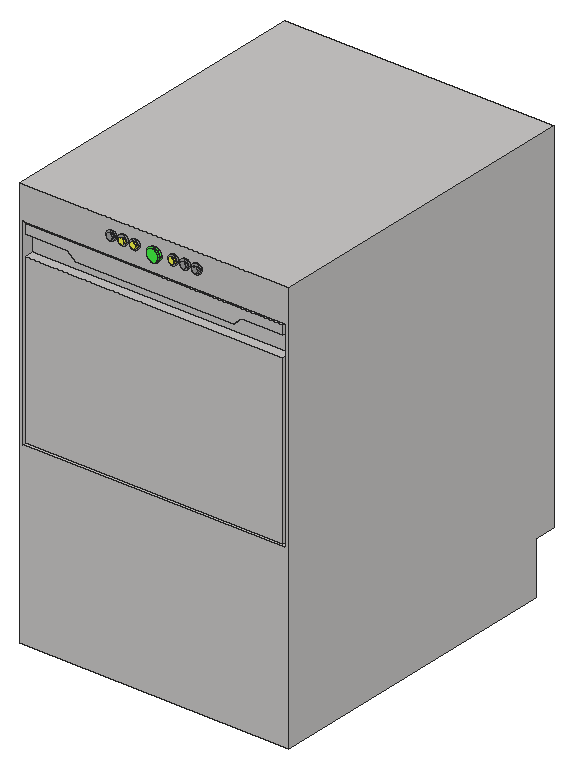
Revit family "QF_ELECTROLUXPROFESSIONAL_402224_ESICWPB6", category Specialty Equipment, Revit 2018
Family settings
  Round Connector Dimension = Use Diameter
  Part Type = Normal
  Work Plane-Based = No
  Always vertical = Yes
  Cut with Voids When Loaded = No
  Shared = No
  Room Calculation Point = No
Parameters
  Weight = 37.00 kg
  Watts = 0 W
  Volts = 0 V
  URL Manufacturer = ""
  URL = "http://professional.electrolux.com/"
  Steam Supply Size = 0 mm
  Steam Supply Minimum Pressure = 0.0 Pa
  Steam Supply Maximum Pressure = 0.0 Pa
  Steam Pounds per Hour = 0
  Show Logo [instance] = yes
  Show Clearance [instance] = yes
  Refrigeration Suction Line Size = 0 mm
  Refrigeration Liquid Line Size = 0 mm
  Refrigerant Compressor Remote = yes
  Manufacturer = ""
  Phase = 0
  Model = ""
  Length Actual = 460 mm  # constant formula
  Item Number = ""
  Hot Water Size = 0 mm
  Height Actual = 715 mm  # constant formula
  HP = "4.4 HP"
  Gas Size = 0 mm
  Gas KW = 0
  Gas Input Pressure = 0 W
  Direct Waste Size = 27 mm
  Description = ""
  Depth Actual = 565 mm  # constant formula
  Cycle = 0 Hz
  Condensate Return Size = 0 mm
  Compressed Air Volume = 0.0 L/s
  Compressed Air Size = 0 mm
  Compressed Air Pressure = 0.0 Pa
  Cold Water Size = 0 mm
  Accessory = yes
Types (2, lengths in mm): name | Volts | URL Manufacturer | URL | Manufacturer | Phase | Model | Item Number | Description | Cycle | Cold Water Size
  (no name) | 0 V | "" | "http://professional.electrolux.com/" | "" | 0 | "" | "" | "" | 0 Hz | 0
  Standard | 220 V | "http://professional.electrolux.com" | "http://professional.electrolux.com" | "Electrolux Professional" | 1 | "ESICWPB6" | "402224" | "GLASSWASHER(S) DOUBLE SKIN, COLD RINSE, WS, DP, RBP, 30B/H,NO PLUG-60HZ" | 60 Hz | 19.05
Reference planes
  plane 1 "Center (Front/Back)": y = 0
  plane 2: z = 0
  plane 3 "Center (Left/Right)": x = 0
  plane 4 "LEFT": x = -230
  plane 5 "RIGHT": x = 230
  plane 6 "FRONT": y = -282.5
  plane 7 "BACK": y = 282.5
  plane 8: x = -202.5
  plane 9: x = 202.5
  plane 10: z = 715
  plane 11: z = 10
Forms (mm)
  Extrusion 1, solid, material "QF_Finishes_Stainless Steel"
    sketch origin (0, 0, 0) x (1, 0, 0) y (0, 1, 0)
      loop
        line (-230, -282.5) -> (230, -282.5) -> (230, 243.5) -> (-230, 243.5) -> (-230, -282.5)
    from 10 to 715
  Extrusion 2, solid, material "QF_Finishes_Stainless Steel"
    sketch origin (0, 0, 0) x (1, 0, 0) y (0, 1, 0)
      loop
        line (-230, 243.5) -> (230, 243.5) -> (230, 282.5) -> (-230, 282.5) -> (-230, 243.5)
    from 100 to 715
  Extrusion 3, solid, material "QF_Finishes_Stainless Steel"
    sketch origin (0, 0, 0) x (1, 0, 0) y (0, 1, 0)
      loop
        circle (-202.5, 184.5) r 12.5
      loop
        circle (202.5, 184.5) r 12.5
      loop
        circle (-202.5, -235.5) r 12.5
      loop
        circle (202.5, -235.5) r 12.5
    from 0 to 10
  Extrusion 4, void
    sketch origin (-230, -282.5, 0) x (-1, 0, 0) y (0, 0, 1)
      loop
        line (-5, 658.217) -> (-455, 658.217) -> (-455, 315) -> (-5, 315) -> (-5, 658.217)
    from 0 to 30
  Extrusion 5, solid, material "QF_Finishes_Stainless Steel"
    sketch origin (-53, -392, 738) x (0, 0, -1) y (1, 0, 0)
      loop
        circle (693, 213) r 10
    from -635.5 to -674.5
  Extrusion 6, solid, material "QF_Door-Drawer Clearances", visible <- "Show Clearance", detail levels coarse
    sketch origin (-230, -282.5, 0) x (0, 1, 0) y (0, 0, -1)
      loop
        line (0, -315) -> (-315, -315)
        arc (-315, -315) -> (-223.2, -545.869) -> (0, -655) r 344.605
        line (0, -655) -> (0, -315)
    from -10 to -450
  Extrusion 7, solid, material "QF_Finishes_Stainless Steel"
    sketch origin (-242.481, -392, 738) x (0, 0, -1) y (1, 0, 0)
      loop
        circle (663, 322.481) r 8
    from -635.5 to -674.5
  Extrusion 8, solid, material "QF_Finishes_Green"
    sketch origin (234, -282.5, -28.75) x (-1, 0, 0) y (0, 0, -1)
      loop
        circle (234, -714.569) r 10
    from 0 to 5
  Extrusion 9, solid, material "QF_Finishes_Gray"
    sketch origin (234, -282.5, -24.375) x (-1, 0, 0) y (0, 0, -1)
      loop
        circle (306.936, -713.972) r 5
    from 0 to 5
  Extrusion 10, solid, material "QF_Finishes_Stainless Steel"
    sketch origin (-230, -282.5, 0) x (0, 1, 0) y (0, 0, -1)
      loop
        line (0, -319.622) -> (0, -605) -> (15, -605) -> (15, -655) -> (25, -655) -> (25, -319.622) -> (0, -319.622)
    from -10 to -450
  Extrusion 11, solid, material "QF_Finishes_Stainless Steel"
    sketch origin (-230, -282.5, 0) x (0, 1, 0) y (0, 0, -1)
      loop
        line (15, -655) -> (15, -652.514) -> (2.5, -652.514) -> (2.5, -626.25) -> (0, -626.25) -> (0, -655) -> (15, -655)
    from -10 to -450
  Extrusion 12, void
    sketch origin (-230, -282.5, 655) x (0, 0, 1) y (1, 0, 0)
      loop
        line (-15.552, 10) -> (-15.552, 81.607) -> (-28.75, 94.804) -> (-28.75, 10) -> (-15.552, 10)
      loop
        line (-15.552, 450) -> (-28.75, 450) -> (-28.75, 365.196) -> (-15.552, 378.393) -> (-15.552, 450)
    from 0 to 2.5
  Extrusion 13, solid, material "QF_Finishes_Stainless Steel"
    sketch origin (-328, -392, 738) x (0, 0, -1) y (1, 0, 0)
      loop
        circle (663, 228) r 8
    from -635.5 to -674.5
  Extrusion 14, solid, material "QF_Finishes_Green"
    sketch origin (-230, -282.5, 0) x (1, 0, 0) y (0, 0, 1)
      loop
        circle (230, 685.819) r 12
      loop
        circle (230, 685.819) r 10
    from 0 to 2.5
  Extrusion 15, solid, material "QF_Finishes_Gray"
    sketch origin (-210, -282.5, -28.75) x (1, 0, 0) y (0, 0, 1)
      loop
        circle (262.936, 718.347) r 8
      loop
        circle (262.936, 718.347) r 5
      loop
        circle (242.936, 718.347) r 8
      loop
        circle (242.936, 718.347) r 5
      loop
        circle (282.936, 718.347) r 8
      loop
        circle (282.936, 718.347) r 5
    from 0 to 2.5
  Extrusion 16, solid, material "QF_Finishes_Gray"
    sketch origin (-234, -282.5, -24.375) x (1, 0, 0) y (0, 0, 1)
      loop
        circle (286.936, 713.972) r 5
      loop
        circle (306.936, 713.972) r 5
    from 0 to 5
  Extrusion 17, solid, material "QF_Finishes_Gray"
    sketch origin (210, -282.5, -28.75) x (-1, 0, 0) y (0, 0, -1)
      loop
        circle (262.936, -718.347) r 8
      loop
        circle (262.936, -718.347) r 5
      loop
        circle (242.936, -718.347) r 8
      loop
        circle (242.936, -718.347) r 5
      loop
        circle (282.936, -718.347) r 8
      loop
        circle (282.936, -718.347) r 5
    from 0 to 2.5
  Extrusion 18, solid, material "QF_Finishes_Yellow"
    sketch origin (254, -282.5, -24.375) x (-1, 0, 0) y (0, 0, -1)
      loop
        circle (306.936, -713.972) r 5
    from 0 to 5
  Extrusion 19, solid, material "QF_Finishes_Yellow"
    sketch origin (274, -282.5, -24.375) x (-1, 0, 0) y (0, 0, -1)
      loop
        circle (306.936, -713.972) r 5
    from 0 to 5
  Extrusion 20, solid, material "QF_Finishes_Yellow"
    sketch origin (339.871, -282.5, -24.375) x (-1, 0, 0) y (0, 0, -1)
      loop
        circle (306.936, -713.972) r 5
    from 0 to 5
Cuts and joins
  Extrusion 4 cuts Extrusion 1
  joined: Extrusion 1, Extrusion 2
  Extrusion 12 cuts Extrusion 10
  Extrusion 12 cuts Extrusion 11
Lines and regions (mm)
  Split face 1
    outline origin (-230, -282.5, 715) x (0, 0, -1) y (1, 0, 0)
      loop
        line (35, 0) -> (35, 60) -> (49.142, 74.142) -> (49.142, 214.142) -> (11.456, 214.142)
        arc (11.456, 214.142) -> (9.82, 214.82) -> (9.142, 216.456) r 2.314
        line (9.142, 216.456) -> (9.142, 230) -> (9.142, 243.544)
        arc (9.142, 243.544) -> (9.82, 245.18) -> (11.456, 245.858) r 2.314
        line (11.456, 245.858) -> (49.142, 245.858) -> (49.142, 385.858) -> (35, 400) -> (35, 460)
      loop
        line (56.783, 5) -> (56.783, 0)
      loop
        line (56.783, 455) -> (56.783, 460)
  symbolic lines
    curve 1: line (-230, 282.5, 0) -> (230, 282.5, 0)
    curve 2: line (-230, -282.5, 0) -> (-230, 282.5, 0)
    curve 3: line (230, -282.5, 0) -> (-230, -282.5, 0)
    curve 4: line (230, 282.5, 0) -> (230, -282.5, 0)
    curve 9: line (-80.94, -285, 0) -> (-80.94, -282.5, 0)
    curve 10: line (-64.948, -285, 0) -> (-64.948, -282.5, 0)
    curve 11: line (-77.926, -287.5, 0) -> (-67.936, -287.5, 0)
    curve 12: line (-67.936, -287.5, 0) -> (-67.936, -285, 0)
    curve 13: line (-77.926, -287.5, 0) -> (-77.926, -285, 0)
    curve 14: line (-60.936, -285, 0) -> (-44.936, -285, 0)
    curve 15: line (-44.936, -285, 0) -> (-44.936, -282.5, 0)
    curve 16: line (-60.936, -285, 0) -> (-60.936, -282.5, 0)
    curve 17: line (-57.936, -287.5, 0) -> (-47.936, -287.5, 0)
    curve 18: line (-47.936, -287.5, 0) -> (-47.936, -285, 0)
    curve 19: line (-57.936, -287.5, 0) -> (-57.936, -285, 0)
    curve 20: line (-40.936, -285, 0) -> (-24.936, -285, 0)
    curve 21: line (-24.936, -285, 0) -> (-24.936, -282.5, 0)
    curve 22: line (-40.936, -285, 0) -> (-40.936, -282.5, 0)
    curve 23: line (-37.936, -287.5, 0) -> (-27.936, -287.5, 0)
    curve 24: line (-27.936, -287.5, 0) -> (-27.936, -285, 0)
    curve 25: line (-37.936, -287.5, 0) -> (-37.936, -285, 0)
    curve 26: line (24.936, -285, 0) -> (40.936, -285, 0)
    curve 27: line (40.936, -285, 0) -> (40.936, -282.5, 0)
    curve 28: line (27.936, -287.5, 0) -> (37.936, -287.5, 0)
    curve 29: line (37.936, -287.5, 0) -> (37.936, -285, 0)
    curve 30: line (27.936, -287.5, 0) -> (27.936, -285, 0)
    curve 31: line (24.936, -285, 0) -> (24.936, -282.5, 0)
    curve 32: line (-12, -285, 0) -> (12, -285, 0)
    curve 33: line (12, -285, 0) -> (12, -282.5, 0)
    curve 34: line (-12, -285, 0) -> (-12, -282.5, 0)
    curve 35: line (-10, -287.5, 0) -> (10, -287.5, 0)
    curve 36: line (10, -287.5, 0) -> (10, -285, 0)
    curve 37: line (-10, -287.5, 0) -> (-10, -285, 0)
    curve 39: line (44.936, -285, 0) -> (60.936, -285, 0)
    curve 40: line (60.936, -285, 0) -> (60.936, -282.5, 0)
    curve 41: line (47.936, -287.5, 0) -> (57.936, -287.5, 0)
    curve 42: line (57.936, -287.5, 0) -> (57.936, -285, 0)
    curve 43: line (47.936, -287.5, 0) -> (47.936, -285, 0)
    curve 44: line (44.936, -285, 0) -> (44.936, -282.5, 0)
    curve 45: line (64.936, -285, 0) -> (80.936, -285, 0)
    curve 46: line (80.936, -285, 0) -> (80.936, -282.5, 0)
    curve 47: line (67.936, -287.5, 0) -> (77.936, -287.5, 0)
    curve 48: line (77.936, -287.5, 0) -> (77.936, -285, 0)
    curve 49: line (67.936, -287.5, 0) -> (67.936, -285, 0)
    curve 50: line (64.936, -285, 0) -> (64.936, -282.5, 0)
  symbolic lines, style "QF_Door-Drawer Clearances"
    curve 5: line (-220, -597.5, 0) -> (220, -597.5, 0)
    curve 6: line (220, -597.5, 0) -> (220, -282.5, 0)
    curve 7: line (-220, -597.5, 0) -> (-220, -282.5, 0)
  symbolic lines, style "SpecialityEquipment"
    curve 8: line (-80.94, -285, 0) -> (-64.948, -285, 0)
  symbolic lines, style "SpecialityEquipmentHiddenLines"
    curve 38: line (-230, 243.5, 0) -> (230, 243.5, 0)
Dimensions and locks
  equal spacing: plane 4 "LEFT", plane 3 "Center (Left/Right)", plane 5 "RIGHT"
  equal spacing: plane 7 "BACK", plane 1 "Center (Front/Back)", plane 6 "FRONT"
  plane 7 "BACK" to plane 6 "FRONT" = 565 mm
  plane 4 "LEFT" to plane 5 "RIGHT" = 460 mm
  plane 4 "LEFT" to plane 8 = 27.5 mm
  plane 9 to plane 5 "RIGHT" = 27.5 mm
  locked: plane 11 to level at 10
  plane 4 "LEFT" to plane 3 "Center (Left/Right)" = 230 mm
  plane 10 to level = 715 mm  (x2)
  plane 8 to plane 9 = 405 mm
  level to Extrusion 13 sketch curve = 75 mm
  Extrusion 13 sketch curve to plane 4 "LEFT" = 130 mm
  level to Extrusion 5 sketch curve = 45 mm
  Extrusion 5 sketch curve to plane 4 "LEFT" = 390 mm
  Extrusion 7 sketch curve to plane 4 "LEFT" = 310 mm
  level to Extrusion 7 sketch curve = 75 mm
  locked: Extrusion 3 to cut or joined group of Extrusion 1, Extrusion 2, Extrusion 4 at 98
  Extrusion 3 to Extrusion 3 = 420 mm
  locked: plane 6 "FRONT" to Extrusion 3 at 47
  plane 9 to plane 8 = 405 mm
  plane 7 "BACK" to curve 5 = 880 mm
  cut or joined group of Extrusion 10, Extrusion 12 to cut or joined group of Extrusion 1, Extrusion 2, Extrusion 4 = 290 mm
  aligned and locked: level to plane 2
  aligned and locked: Extrusion 1 sketch curve to plane 6 "FRONT"
  aligned and locked: Extrusion 1 sketch curve to plane 4 "LEFT"
  aligned and locked: plane 5 "RIGHT" to Extrusion 1 sketch curve
  aligned and locked: Extrusion 1 to plane 11
  aligned and locked: Extrusion 2 sketch curve to Extrusion 1  (x2)
  aligned and locked: plane 7 "BACK" to Extrusion 2 sketch curve
  aligned and locked: plane 5 "RIGHT" to Extrusion 2 sketch curve
  aligned and locked: plane 11 to Extrusion 3
  aligned and locked: Extrusion 2 to Extrusion 5
  aligned and locked: Extrusion 2 to Extrusion 7
  aligned and locked: plane 7 "BACK" to Extrusion 7
  aligned and locked: plane 7 "BACK" to Extrusion 5
  aligned and locked: cut or joined group of Extrusion 11, Extrusion 12 to Extrusion 12
  aligned and locked: plane 10 to Extrusion 2
Automatic sketch dimensions
  curve 1 to plane 4 "LEFT" = 0 mm
  curve 7 to plane 6 "FRONT" = 0 mm
  curve 4 to plane 5 "RIGHT" = 0 mm
  curve 2 to plane 7 "BACK" = 0 mm
  plane 4 "LEFT" to curve 5 = 10 mm
  curve 8 to plane 6 "FRONT" = 2.5 mm
  curve 8 to plane 3 "Center (Left/Right)" = 80.94 mm
  curve 8 to curve 11 = 3.013 mm
  curve 11 to curve 11 = 9.991 mm
  curve 12 to curve 10 = 2.987 mm
  curve 8 to curve 16 = 4.013 mm
  curve 14 to curve 19 = 3 mm
  curve 17 to plane 6 "FRONT" = 5 mm
  curve 17 to curve 17 = 10 mm
  curve 18 to curve 14 = 3 mm
  curve 14 to curve 20 = 4 mm
  curve 20 to curve 25 = 3 mm
  curve 24 to plane 6 "FRONT" = 5 mm
  curve 23 to curve 24 = 10 mm
  curve 24 to curve 21 = 3 mm
  curve 34 to plane 6 "FRONT" = 2.5 mm
  curve 34 to plane 3 "Center (Left/Right)" = 12 mm
  curve 32 to curve 37 = 2 mm
  plane 3 "Center (Left/Right)" to curve 36 = 10 mm
  curve 36 to curve 33 = 2 mm
  curve 26 to plane 6 "FRONT" = 2.5 mm
  curve 32 to curve 26 = 12.936 mm
  curve 26 to curve 30 = 3 mm
  curve 28 to plane 6 "FRONT" = 5 mm
  curve 28 to curve 28 = 10 mm
  curve 29 to curve 27 = 3 mm
  curve 26 to curve 44 = 4 mm
  curve 39 to curve 43 = 3 mm
  curve 41 to plane 6 "FRONT" = 5 mm
  curve 41 to curve 41 = 10 mm
  curve 42 to curve 39 = 3 mm
  curve 39 to curve 50 = 4 mm
  curve 45 to curve 47 = 3 mm
  curve 47 to plane 6 "FRONT" = 5 mm
  curve 47 to curve 47 = 10 mm
  curve 48 to curve 45 = 3 mm
  curve 6 to plane 5 "RIGHT" = 10 mm
  curve 35 to curve 36 = 2.5 mm
  curve 11 to curve 13 = 2.5 mm
  curve 15 to plane 6 "FRONT" = 2.5 mm
  curve 20 to plane 6 "FRONT" = 2.5 mm
  curve 40 to plane 6 "FRONT" = 2.5 mm
  curve 45 to plane 6 "FRONT" = 2.5 mm
  curve 38 to plane 7 "BACK" = 39 mm
  Extrusion 1 sketch curve to plane 7 "BACK" = 39 mm
  Extrusion 3 sketch curve to plane 8 = 0 mm  (x2)
  Extrusion 3 sketch curve to plane 9 = 0 mm  (x2)
  plane 6 "FRONT" to Extrusion 3 sketch curve = 47 mm  (x2)
  Extrusion 3 sketch curve to plane 7 "BACK" = 98 mm  (x2)
  Extrusion 4 sketch curve to Extrusion 1 = 5 mm  (x2)
  Extrusion 4 sketch curve to Extrusion 1 = 305 mm
  Extrusion 4 sketch curve to Extrusion 1 = 56.783 mm
  Extrusion 6 sketch curve to plane 6 "FRONT" = 0 mm
  Extrusion 6 sketch curve to plane 6 "FRONT" = 315 mm
  plane 6 "FRONT" to Extrusion 6 sketch curve = 29.589 mm
  Extrusion 6 sketch curve to plane 10 = 60 mm
  plane 11 to Extrusion 6 sketch curve = 305 mm
  Extrusion 8 sketch curve to Extrusion 8 sketch curve = 0 mm  (x2)
  Extrusion 8 sketch curve to plane 3 "Center (Left/Right)" = 0 mm
  Extrusion 8 sketch curve to plane 10 = 29.181 mm
  plane 3 "Center (Left/Right)" to Extrusion 8 sketch curve = 10 mm
  Extrusion 9 sketch curve to Extrusion 9 sketch curve = 0 mm  (x2)
  Extrusion 9 sketch curve to plane 10 = 25.403 mm
  Extrusion 9 sketch curve to plane 3 "Center (Left/Right)" = 72.936 mm
  Extrusion 9 sketch curve to Extrusion 9 sketch curve = 5 mm
  Extrusion 10 sketch curve to plane 6 "FRONT" = 0 mm
  plane 6 "FRONT" to Extrusion 10 sketch curve = 15 mm
  Extrusion 10 sketch curve to Extrusion 10 sketch curve = 25 mm
  Extrusion 10 sketch curve to plane 10 = 60 mm
  Extrusion 10 sketch curve to Extrusion 10 sketch curve = 50 mm
  Extrusion 10 sketch curve to Extrusion 10 sketch curve = 285.378 mm
  Extrusion 11 sketch curve to plane 6 "FRONT" = 0 mm
  Extrusion 11 sketch curve to Extrusion 11 sketch curve = 2.5 mm
  Extrusion 11 sketch curve to Extrusion 11 sketch curve = 12.5 mm
  Extrusion 11 sketch curve to plane 10 = 60 mm
  Extrusion 11 sketch curve to Extrusion 11 sketch curve = 2.486 mm
  Extrusion 11 sketch curve to Extrusion 11 sketch curve = 26.264 mm
  Extrusion 12 sketch curve to Extrusion 11 = 0 mm  (x3)
  Extrusion 11 to Extrusion 12 sketch curve = 0 mm
  Extrusion 12 sketch curve to Extrusion 11 = 13.198 mm  (x2)
  Extrusion 12 sketch curve to Extrusion 11 = 71.607 mm
  Extrusion 12 sketch curve to Extrusion 12 sketch curve = 13.198 mm  (x2)
  Extrusion 12 sketch curve to Extrusion 11 = 84.804 mm
  Extrusion 14 sketch curve to Extrusion 14 sketch curve = 0 mm  (x2)
  Extrusion 1 to Extrusion 14 sketch curve = 29.181 mm
  Extrusion 1 to Extrusion 14 sketch curve = 230 mm
  Extrusion 15 sketch curve to Extrusion 15 sketch curve = 0 mm  (x8)
  plane 3 "Center (Left/Right)" to Extrusion 15 sketch curve = 32.936 mm
  Extrusion 15 sketch curve to Extrusion 15 sketch curve = 20 mm  (x2)
  Extrusion 15 sketch curve to plane 10 = 25.403 mm
  Extrusion 16 sketch curve to Extrusion 16 sketch curve = 0 mm  (x5)
  Extrusion 16 sketch curve to plane 10 = 25.403 mm
  plane 3 "Center (Left/Right)" to Extrusion 16 sketch curve = 52.936 mm
  Extrusion 16 sketch curve to Extrusion 16 sketch curve = 20 mm
  Extrusion 16 sketch curve to Extrusion 16 sketch curve = 5 mm  (x2)
  Split face 1 sketch curve to cut or joined group of Extrusion 1, Extrusion 2, Extrusion 4 = 0 mm  (x6)
  cut or joined group of Extrusion 1, Extrusion 2, Extrusion 4 to Split face 1 sketch curve = 0 mm  (x2)
  cut or joined group of Extrusion 1, Extrusion 2, Extrusion 4 to Split face 1 sketch curve = 7.641 mm  (x2)
  Split face 1 sketch curve to Split face 1 sketch curve = 14.142 mm  (x4)
  Split face 1 sketch curve to cut or joined group of Extrusion 1, Extrusion 2, Extrusion 4 = 11.456 mm  (x2)
  Split face 1 sketch curve to cut or joined group of Extrusion 1, Extrusion 2, Extrusion 4 = 9.142 mm
  Split face 1 sketch curve to cut or joined group of Extrusion 1, Extrusion 2, Extrusion 4 = 55 mm
  Split face 1 sketch curve to Split face 1 sketch curve = 140 mm
  Split face 1 sketch curve to Split face 1 sketch curve = 13.544 mm  (x2)
  Split face 1 sketch curve to cut or joined group of Extrusion 1, Extrusion 2, Extrusion 4 = 69.142 mm
  Extrusion 17 sketch curve to Extrusion 17 sketch curve = 0 mm  (x8)
  Extrusion 17 sketch curve to plane 3 "Center (Left/Right)" = 32.936 mm
  Extrusion 17 sketch curve to Extrusion 17 sketch curve = 20 mm  (x2)
  Extrusion 17 sketch curve to plane 10 = 25.403 mm
  Extrusion 18 sketch curve to Extrusion 18 sketch curve = 0 mm  (x2)
  Extrusion 18 sketch curve to plane 10 = 25.403 mm
  Extrusion 18 sketch curve to plane 3 "Center (Left/Right)" = 52.936 mm
  Extrusion 18 sketch curve to Extrusion 18 sketch curve = 5 mm
  Extrusion 19 sketch curve to Extrusion 19 sketch curve = 0 mm  (x2)
  Extrusion 19 sketch curve to plane 3 "Center (Left/Right)" = 32.936 mm
  Extrusion 19 sketch curve to plane 10 = 25.403 mm
  Extrusion 19 sketch curve to Extrusion 19 sketch curve = 5 mm
  Extrusion 20 sketch curve to Extrusion 20 sketch curve = 0 mm  (x2)
  plane 3 "Center (Left/Right)" to Extrusion 20 sketch curve = 32.936 mm
  Extrusion 20 sketch curve to plane 10 = 25.403 mm
  Extrusion 20 sketch curve to Extrusion 20 sketch curve = 5 mm
  radius of Extrusion 5 sketch curve = 10 mm
  radius of Extrusion 7 sketch curve = 8 mm
  radius of Extrusion 13 sketch curve = 8 mm
  radius of Extrusion 3 sketch curve = 12.5 mm  (x4)
  radius of Extrusion 14 sketch curve = 12 mm
  radius of Extrusion 14 sketch curve = 10 mm
  radius of Extrusion 15 sketch curve = 8 mm  (x3)
  radius of Extrusion 15 sketch curve = 5 mm  (x3)
  radius of Extrusion 17 sketch curve = 8 mm  (x3)
  radius of Extrusion 17 sketch curve = 5 mm  (x3)
Connectors
  piping at (160, 282.5, 45), diameter 20
    settings: on Extrusion 5, index 1, connector inside diameter 609.6 mm, connector length 0 mm, flow factor 0, pipe flow 0.0 L/s, pressure drop 0.0 Pa, fitting loss kfactor 0, connector angle 0.00°, fixture units 0, engagement length 0 mm, angle of deflection 0.00°, flow configuration 1, flow direction 1, fitting loss method 0, system type 16, joint type 0, gender type 0, connector reference index -1, connector utility 0, adjustable connector no, is connector primary yes, connector description "Drain"
  piping at (80, 282.5, 75), driven by "Cold Water Size"
    settings: on Extrusion 7, index 3, connector diameter 0 mm, connector inside diameter 609.6 mm, connector length 0 mm, flow factor 0, pipe flow 0.0 L/s, pressure drop 0.0 Pa, fitting loss kfactor 0, connector angle 0.00°, fixture units 0, engagement length 0 mm, angle of deflection 0.00°, flow configuration 1, flow direction 1, fitting loss method 0, system type 20, joint type 0, gender type 0, connector reference index -1, connector utility 0, adjustable connector no, is connector primary no, connector description "Cold Water Inlet"
  electrical at (-100, 282.5, 75), driven by "Volts"
    settings: on Extrusion 13, index 4, voltage 0 V, apparent load 0 VA, apparent load phase1 0 VA, apparent load phase2 0 VA, apparent load phase3 0 VA, power factor 1, load classification "Altro", number of poles 1, system type 31, power factor state 1, is connector primary yes, connector utility no, sub classification motor no, connector description "Electrical Connection"
